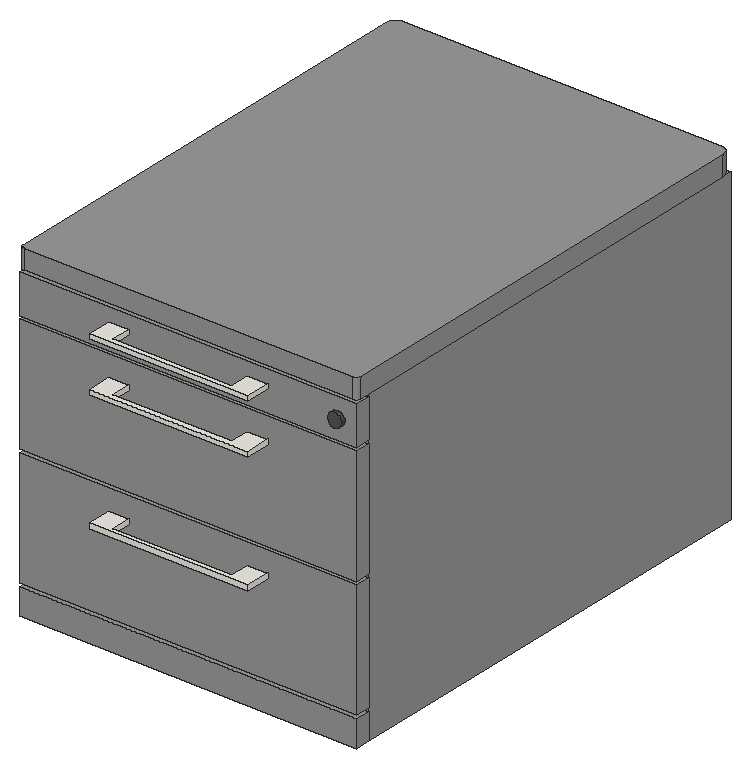
Revit family "Haworth_HC1Pedestal_7HE_EU_PRELIMINARY", category Furniture Systems, Revit 2019 (continued)
Definition of nested family "Haworth_MSeries_Drawer_PART"
  Definition of nested family "Haworth_Drawer-Pulls"
    Forms (cm)
      Blend 13, solid, material <- "Handle Finish", visible <- "Radius"
        top sketch origin (0, 0, 0.7938) x (0, 1, 0) y (0, 0, 1)
          loop
            line (-1.9782, -1.5875) -> (0, -1.5875) -> (0, 0)
        from -12.3825 to -9.2075
      Extrusion 14, solid, material <- "Handle Finish", visible <- "Patterns"
        sketch origin (0, 0, 0.6929) x (0, 1, 0) y (0, 0, 1)
          loop
            line (0, 0) -> (-2.2225, 0)
            arc (-2.2225, 0) -> (-2.447, -0.093) -> (-2.54, -0.3175) r 0.3175
            line (-2.54, -0.3175) -> (-2.54, -1.778) -> (-2.4609, -1.778) -> (-2.4609, -0.3178)
            arc (-2.4609, -0.3178) -> (-2.3911, -0.1492) -> (-2.2225, -0.0794) r 0.2384
            line (-2.2225, -0.0794) -> (-0.0794, -0.0794) -> (-0.0794, -1.3462) -> (0, -1.3462) -> (0, 0)
        from -10.16 to 10.16
    Cuts and joins
      Extrusion 2 cuts Extrusion 1
      joined: Extrusion 10, Extrusion 11, Extrusion 12
      Extrusion 6 cuts Extrusion 5
      Extrusion 8 cuts Sweep 7
      joined: Blend 3, Sweep 4, Blend 13
Definition of nested family "Haworth_Epure_Storage_Drawer-Pulls"
  Parameters (values of type "Pull")
    Metal = yes
    Handle Finish = none
    Handle 2 = yes
    Handle 1 = yes
    Assembly Code = ""
  Reference planes (cm)
    plane 1 "Center Front/Back": y = 0
    plane 2: z = 0
    plane 3 "Center Left/Right": x = 0
    plane 4: x = -13
    plane 5: x = 13
  Forms (cm)
    Extrusion 1, solid, material <- "Handle Finish", visible <- "Metal"
      sketch origin (0, 0, 0.3175) x (1, 0, 0) y (0, 1, 0)
        loop
          line (-10.16, 0) -> (-10.16, -3.175) -> (10.16, -3.175) -> (10.16, 0) -> (7.62, 0) -> (7.62, -2.54) -> (-7.62, -2.54) -> (-7.62, 0) -> (-10.16, 0)
      from 0 to -0.635
    Extrusion 2, solid, material <- "Handle Finish", visible <- "Handle 2"
      sketch origin (249.8674, 48.2327, -47.4662) x (0, 1, 0) y (0, 0, 1)
        loop
          line (-48.2327, 48.4836) -> (-50.2327, 48.4836) -> (-50.2327, 46.4836) -> (-49.8327, 46.4836) -> (-49.8327, 47.4836) -> (-48.2327, 47.4836) -> (-48.2327, 48.4836)
      from -256.9674 to -242.7674
    Extrusion 3, solid, material <- "Handle Finish", visible <- "Handle 1"
      sketch origin (-80.1326, 48.2327, -18.6172) x (1, 0, 0) y (0, 1, 0)
        loop
          line (72.9326, -50.7327) -> (87.3326, -50.7327)
          arc (87.3326, -50.7327) -> (87.6861, -50.5862) -> (87.8326, -50.2327) r 0.5
          line (87.8326, -50.2327) -> (87.8326, -48.7327)
          arc (87.8326, -48.7327) -> (87.6861, -48.3791) -> (87.3326, -48.2327) r 0.5
          line (87.3326, -48.2327) -> (72.9326, -48.2327)
          arc (72.9326, -48.2327) -> (72.579, -48.3791) -> (72.4326, -48.7327) r 0.5
          line (72.4326, -48.7327) -> (72.4326, -50.2327)
          arc (72.4326, -50.2327) -> (72.579, -50.5862) -> (72.9326, -50.7327) r 0.5
      from 18.1935 to 19.0935
